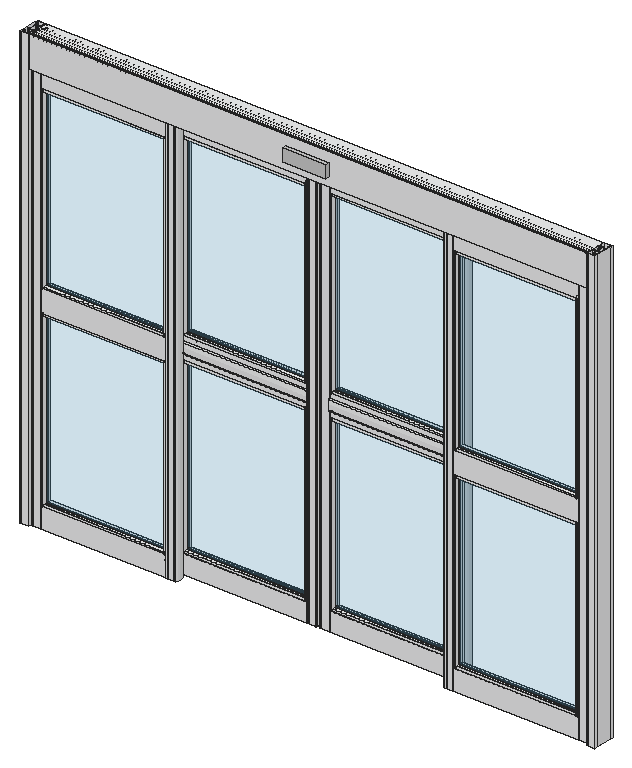
Revit family "2-5-14_Sliding-Door_TX9200SL_Bipart-Outside-Slide-O-SX-SX-O-w-Elec-Lock-Flush-Mnt-Exit-Panic-HDW_Tormax", category Doors, host Wall, Revit 2026 (continued)
Definition of nested family "Door-Sliding-Tormax-Panel-Exit_Panic-O"
  Forms (in)
    Sweep 4, solid, material <- "Door Frame"
      profile origin (0, 0, 22.40625) x (-1, 0, 0) y (0, -1, 0)
        loop
          line (-24.65625, -0.87481) -> (-24.15645, -0.87481) -> (-24.15645, -0.20955) -> (-24.12159, -0.20955) -> (-24.06046, -0.09459) -> (-24.08245, -0.07259) -> (-24.15436, -0.12483) -> (-24.36418, -0.12483) -> (-24.36418, -0.20955) -> (-24.5318, -0.20955) -> (-24.5318, -0.13997) -> (-24.61845, -0.13997) -> (-24.61845, 0.13997) -> (-24.5318, 0.13997) -> (-24.5318, 0.20955) -> (-24.36418, 0.20955) -> (-24.36418, 0.12483) -> (-24.15436, 0.12483) -> (-24.08245, 0.07259) -> (-24.06046, 0.09459) -> (-24.12159, 0.20955) -> (-24.15645, 0.20955) -> (-24.15645, 0.87481) -> (-24.65625, 0.87481) -> (-24.65625, 0.66561) -> (-24.75597, 0.66561) -> (-24.75597, 0.76483) -> (-24.80597, 0.76483) -> (-24.80597, 0.6157) -> (-24.69998, 0.6157) -> (-24.57594, 0.49166) -> (-24.57594, 0.32983)
          arc (-24.57594, 0.32983) -> (-24.64136, 0.30274) -> (-24.66845, 0.23732) r 0.09251
          line (-24.66845, 0.23732) -> (-24.66845, 0.1901) -> (-24.81225, 0.1901) -> (-24.81225, 0.13997) -> (-24.66845, 0.13997) -> (-24.66845, -0.13997) -> (-24.81225, -0.13997) -> (-24.81225, -0.1901) -> (-24.68146, -0.1901) -> (-24.68146, -0.25955) -> (-24.46359, -0.25955) -> (-24.46359, -0.4032) -> (-24.20611, -0.4032) -> (-24.20611, -0.8251) -> (-24.60608, -0.8251) -> (-24.60608, -0.65698) -> (-24.72056, -0.65698) -> (-24.72056, -0.70698) -> (-24.65625, -0.70698) -> (-24.65625, -0.87481)
        loop
          line (-24.55619, 0.8251) -> (-24.55619, 0.74143) -> (-24.62235, 0.74143) -> (-24.62235, 0.67847) -> (-24.52594, 0.58206) -> (-24.52594, 0.25099) -> (-24.46359, 0.25099) -> (-24.46359, 0.4032) -> (-24.20611, 0.4032) -> (-24.20611, 0.8251) -> (-24.55619, 0.8251)
        loop
          line (24.65625, -0.87481) -> (24.65625, -0.70698) -> (24.72056, -0.70698) -> (24.72056, -0.65698) -> (24.60608, -0.65698) -> (24.60608, -0.8251) -> (24.20611, -0.8251) -> (24.20611, -0.4032) -> (24.46359, -0.4032) -> (24.46359, -0.25955) -> (24.68146, -0.25955) -> (24.68146, -0.1901) -> (24.81225, -0.1901) -> (24.81225, -0.13997) -> (24.66845, -0.13997) -> (24.66845, 0.13997) -> (24.81225, 0.13997) -> (24.81225, 0.1901) -> (24.66845, 0.1901) -> (24.66845, 0.23732)
          arc (24.66845, 0.23732) -> (24.64136, 0.30274) -> (24.57594, 0.32983) r 0.09251
          line (24.57594, 0.32983) -> (24.57594, 0.49166) -> (24.69998, 0.6157) -> (24.80597, 0.6157) -> (24.80597, 0.76483) -> (24.75597, 0.76483) -> (24.75597, 0.66561) -> (24.65625, 0.66561) -> (24.65625, 0.87481) -> (24.15645, 0.87481) -> (24.15645, 0.20955) -> (24.12159, 0.20955) -> (24.06046, 0.09459) -> (24.08245, 0.07259) -> (24.15436, 0.12483) -> (24.36418, 0.12483) -> (24.36418, 0.20955) -> (24.5318, 0.20955) -> (24.5318, 0.13997) -> (24.61845, 0.13997) -> (24.61845, -0.13997) -> (24.5318, -0.13997) -> (24.5318, -0.20955) -> (24.36418, -0.20955) -> (24.36418, -0.12483) -> (24.15436, -0.12483) -> (24.08245, -0.07259) -> (24.06046, -0.09459) -> (24.12159, -0.20955) -> (24.15645, -0.20955) -> (24.15645, -0.87481) -> (24.65625, -0.87481)
        loop
          line (24.55619, 0.8251) -> (24.20611, 0.8251) -> (24.20611, 0.4032) -> (24.46359, 0.4032) -> (24.46359, 0.25099) -> (24.52594, 0.25099) -> (24.52594, 0.58206) -> (24.62235, 0.67847) -> (24.62235, 0.74143) -> (24.55619, 0.74143) -> (24.55619, 0.8251)
    Extrusion 5, solid, material <- "Glass"
      sketch origin (0, 0, 0) x (1, 0, 0) y (0, 1, 0)
        loop
          line (-24.36418, 0.12483) -> (-24.36418, -0.12517) -> (24.36418, -0.12517) -> (24.36418, 0.12483) -> (-24.36418, 0.12483)
      from 4.60457 to 40.20793
    Sweep 6, solid, material <- "Door Frame"
      path origin (0, 0, 0) x (1, 0, 0) y (0, 0, 1)
        loop
          line (-24.15645, 42.75) -> (24.15645, 42.75)
      profile origin (0, 0, 42.75) x (0, 0, 1) y (0, -1, 0)
        loop
          line (-38.4375, 0.87481) -> (-38.4375, 0.70698) -> (-38.50181, 0.70698) -> (-38.50181, 0.65698) -> (-38.38733, 0.65698) -> (-38.38733, 0.8251) -> (-37.98736, 0.8251) -> (-37.98736, 0.4032) -> (-38.24484, 0.4032) -> (-38.24484, 0.25955) -> (-38.46271, 0.25955) -> (-38.46271, 0.1901) -> (-38.5935, 0.1901) -> (-38.5935, 0.13997) -> (-38.4497, 0.13997) -> (-38.4497, -0.13997) -> (-38.5935, -0.13997) -> (-38.5935, -0.1901) -> (-38.4497, -0.1901) -> (-38.4497, -0.23732)
          arc (-38.4497, -0.23732) -> (-38.42261, -0.30274) -> (-38.35719, -0.32983) r 0.09251
          line (-38.35719, -0.32983) -> (-38.35719, -0.49166) -> (-38.48123, -0.6157) -> (-38.58722, -0.6157) -> (-38.58722, -0.76483) -> (-38.53722, -0.76483) -> (-38.53722, -0.66561) -> (-38.4375, -0.66561) -> (-38.4375, -0.87481) -> (-37.9377, -0.87481) -> (-37.9377, -0.20955) -> (-37.90284, -0.20955) -> (-37.84171, -0.09459) -> (-37.8637, -0.07259) -> (-37.93561, -0.12483) -> (-38.14543, -0.12483) -> (-38.14543, -0.20955) -> (-38.31305, -0.20955) -> (-38.31305, -0.13997) -> (-38.3997, -0.13997) -> (-38.3997, 0.13997) -> (-38.31305, 0.13997) -> (-38.31305, 0.20955) -> (-38.14543, 0.20955) -> (-38.14543, 0.12483) -> (-37.93561, 0.12483) -> (-37.8637, 0.07259) -> (-37.84171, 0.09459) -> (-37.90284, 0.20955) -> (-37.9377, 0.20955) -> (-37.9377, 0.87481) -> (-38.4375, 0.87481)
        loop
          line (-38.33744, -0.8251) -> (-37.98736, -0.8251) -> (-37.98736, -0.4032) -> (-38.24484, -0.4032) -> (-38.24484, -0.25099) -> (-38.30719, -0.25099) -> (-38.30719, -0.58206) -> (-38.4036, -0.67847) -> (-38.4036, -0.74143) -> (-38.33744, -0.74143) -> (-38.33744, -0.8251)
        loop
          line (-2.25, 0.87481) -> (-2.7498, 0.87481) -> (-2.7498, 0.20955) -> (-2.78466, 0.20955) -> (-2.84579, 0.09459) -> (-2.8238, 0.07259) -> (-2.75189, 0.12483) -> (-2.54207, 0.12483) -> (-2.54207, 0.20955) -> (-2.37445, 0.20955) -> (-2.37445, 0.13997) -> (-2.2878, 0.13997) -> (-2.2878, -0.13997) -> (-2.37445, -0.13997) -> (-2.37445, -0.20955) -> (-2.54207, -0.20955) -> (-2.54207, -0.12483) -> (-2.75189, -0.12483) -> (-2.8238, -0.07259) -> (-2.84579, -0.09459) -> (-2.78466, -0.20955) -> (-2.7498, -0.20955) -> (-2.7498, -0.87481) -> (-2.25, -0.87481) -> (-2.25, -0.66561) -> (-2.15028, -0.66561) -> (-2.15028, -0.76483) -> (-2.10028, -0.76483) -> (-2.10028, -0.6157) -> (-2.20627, -0.6157) -> (-2.33031, -0.49166) -> (-2.33031, -0.32983)
          arc (-2.33031, -0.32983) -> (-2.26489, -0.30274) -> (-2.2378, -0.23732) r 0.09251
          line (-2.2378, -0.23732) -> (-2.2378, -0.1901) -> (-2.094, -0.1901) -> (-2.094, -0.13997) -> (-2.2378, -0.13997) -> (-2.2378, 0.13997) -> (-2.094, 0.13997) -> (-2.094, 0.1901) -> (-2.22479, 0.1901) -> (-2.22479, 0.25955) -> (-2.44266, 0.25955) -> (-2.44266, 0.4032) -> (-2.70014, 0.4032) -> (-2.70014, 0.8251) -> (-2.30017, 0.8251) -> (-2.30017, 0.65698) -> (-2.18569, 0.65698) -> (-2.18569, 0.70698) -> (-2.25, 0.70698) -> (-2.25, 0.87481)
        loop
          line (-2.35006, -0.8251) -> (-2.35006, -0.74143) -> (-2.2839, -0.74143) -> (-2.2839, -0.67847) -> (-2.38031, -0.58206) -> (-2.38031, -0.25099) -> (-2.44266, -0.25099) -> (-2.44266, -0.4032) -> (-2.70014, -0.4032) -> (-2.70014, -0.8251) -> (-2.35006, -0.8251)
        loop
          line (2.25, 0.87481) -> (2.25, 0.70698) -> (2.18569, 0.70698) -> (2.18569, 0.65698) -> (2.30017, 0.65698) -> (2.30017, 0.8251) -> (2.70014, 0.8251) -> (2.70014, 0.4032) -> (2.44266, 0.4032) -> (2.44266, 0.25955) -> (2.22479, 0.25955) -> (2.22479, 0.1901) -> (2.094, 0.1901) -> (2.094, 0.13997) -> (2.2378, 0.13997) -> (2.2378, -0.13997) -> (2.094, -0.13997) -> (2.094, -0.1901) -> (2.2378, -0.1901) -> (2.2378, -0.23732)
          arc (2.2378, -0.23732) -> (2.26489, -0.30274) -> (2.33031, -0.32983) r 0.09251
          line (2.33031, -0.32983) -> (2.33031, -0.49166) -> (2.20627, -0.6157) -> (2.10028, -0.6157) -> (2.10028, -0.76483) -> (2.15028, -0.76483) -> (2.15028, -0.66561) -> (2.25, -0.66561) -> (2.25, -0.87481) -> (2.7498, -0.87481) -> (2.7498, -0.20955) -> (2.78466, -0.20955) -> (2.84579, -0.09459) -> (2.8238, -0.07259) -> (2.75189, -0.12483) -> (2.54207, -0.12483) -> (2.54207, -0.20955) -> (2.37445, -0.20955) -> (2.37445, -0.13997) -> (2.2878, -0.13997) -> (2.2878, 0.13997) -> (2.37445, 0.13997) -> (2.37445, 0.20955) -> (2.54207, 0.20955) -> (2.54207, 0.12483) -> (2.75189, 0.12483) -> (2.8238, 0.07259) -> (2.84579, 0.09459) -> (2.78466, 0.20955) -> (2.7498, 0.20955) -> (2.7498, 0.87481) -> (2.25, 0.87481)
        loop
          line (2.35006, -0.8251) -> (2.70014, -0.8251) -> (2.70014, -0.4032) -> (2.44266, -0.4032) -> (2.44266, -0.25099) -> (2.38031, -0.25099) -> (2.38031, -0.58206) -> (2.2839, -0.67847) -> (2.2839, -0.74143) -> (2.35006, -0.74143) -> (2.35006, -0.8251)
        loop
          line (39.65625, 0.87481) -> (39.15645, 0.87481) -> (39.15645, 0.20955) -> (39.12159, 0.20955) -> (39.06046, 0.09459) -> (39.08245, 0.07259) -> (39.15436, 0.12483) -> (39.36418, 0.12483) -> (39.36418, 0.20955) -> (39.5318, 0.20955) -> (39.5318, 0.13997) -> (39.61845, 0.13997) -> (39.61845, -0.13997) -> (39.5318, -0.13997) -> (39.5318, -0.20955) -> (39.36418, -0.20955) -> (39.36418, -0.12483) -> (39.15436, -0.12483) -> (39.08245, -0.07259) -> (39.06046, -0.09459) -> (39.12159, -0.20955) -> (39.15645, -0.20955) -> (39.15645, -0.87481) -> (39.65625, -0.87481) -> (39.65625, -0.66561) -> (39.75597, -0.66561) -> (39.75597, -0.76483) -> (39.80597, -0.76483) -> (39.80597, -0.6157) -> (39.69998, -0.6157) -> (39.57594, -0.49166) -> (39.57594, -0.32983)
          arc (39.57594, -0.32983) -> (39.64136, -0.30274) -> (39.66845, -0.23732) r 0.09251
          line (39.66845, -0.23732) -> (39.66845, -0.1901) -> (39.81225, -0.1901) -> (39.81225, -0.13997) -> (39.66845, -0.13997) -> (39.66845, 0.13997) -> (39.81225, 0.13997) -> (39.81225, 0.1901) -> (39.68146, 0.1901) -> (39.68146, 0.25955) -> (39.46359, 0.25955) -> (39.46359, 0.4032) -> (39.20611, 0.4032) -> (39.20611, 0.8251) -> (39.60608, 0.8251) -> (39.60608, 0.65698) -> (39.72056, 0.65698) -> (39.72056, 0.70698) -> (39.65625, 0.70698) -> (39.65625, 0.87481)
        loop
          line (39.55619, -0.8251) -> (39.55619, -0.74143) -> (39.62235, -0.74143) -> (39.62235, -0.67847) -> (39.52594, -0.58206) -> (39.52594, -0.25099) -> (39.46359, -0.25099) -> (39.46359, -0.4032) -> (39.20611, -0.4032) -> (39.20611, -0.8251) -> (39.55619, -0.8251)
    Sweep 7, solid, material <- "Door Frame"
      path origin (0, 0, 0) x (1, 0, 0) y (0, 0, 1)
        loop
          line (0, 45) -> (0, 82.40625)
      profile origin (0, 0, 63.70313) x (-1, 0, 0) y (0, -1, 0)
        loop
          line (-24.65625, -0.87481) -> (-24.15645, -0.87481) -> (-24.15645, -0.20955) -> (-24.12159, -0.20955) -> (-24.06046, -0.09459) -> (-24.08245, -0.07259) -> (-24.15436, -0.12483) -> (-24.36418, -0.12483) -> (-24.36418, -0.20955) -> (-24.5318, -0.20955) -> (-24.5318, -0.13997) -> (-24.61845, -0.13997) -> (-24.61845, 0.13997) -> (-24.5318, 0.13997) -> (-24.5318, 0.20955) -> (-24.36418, 0.20955) -> (-24.36418, 0.12483) -> (-24.15436, 0.12483) -> (-24.08245, 0.07259) -> (-24.06046, 0.09459) -> (-24.12159, 0.20955) -> (-24.15645, 0.20955) -> (-24.15645, 0.87481) -> (-24.65625, 0.87481) -> (-24.65625, 0.66561) -> (-24.75597, 0.66561) -> (-24.75597, 0.76483) -> (-24.80597, 0.76483) -> (-24.80597, 0.6157) -> (-24.69998, 0.6157) -> (-24.57594, 0.49166) -> (-24.57594, 0.32983)
          arc (-24.57594, 0.32983) -> (-24.64136, 0.30274) -> (-24.66845, 0.23732) r 0.09251
          line (-24.66845, 0.23732) -> (-24.66845, 0.1901) -> (-24.81225, 0.1901) -> (-24.81225, 0.13997) -> (-24.66845, 0.13997) -> (-24.66845, -0.13997) -> (-24.81225, -0.13997) -> (-24.81225, -0.1901) -> (-24.68146, -0.1901) -> (-24.68146, -0.25955) -> (-24.46359, -0.25955) -> (-24.46359, -0.4032) -> (-24.20611, -0.4032) -> (-24.20611, -0.8251) -> (-24.60608, -0.8251) -> (-24.60608, -0.65698) -> (-24.72056, -0.65698) -> (-24.72056, -0.70698) -> (-24.65625, -0.70698) -> (-24.65625, -0.87481)
        loop
          line (-24.55619, 0.8251) -> (-24.55619, 0.74143) -> (-24.62235, 0.74143) -> (-24.62235, 0.67847) -> (-24.52594, 0.58206) -> (-24.52594, 0.25099) -> (-24.46359, 0.25099) -> (-24.46359, 0.4032) -> (-24.20611, 0.4032) -> (-24.20611, 0.8251) -> (-24.55619, 0.8251)
        loop
          line (24.65625, -0.87481) -> (24.65625, -0.70698) -> (24.72056, -0.70698) -> (24.72056, -0.65698) -> (24.60608, -0.65698) -> (24.60608, -0.8251) -> (24.20611, -0.8251) -> (24.20611, -0.4032) -> (24.46359, -0.4032) -> (24.46359, -0.25955) -> (24.68146, -0.25955) -> (24.68146, -0.1901) -> (24.81225, -0.1901) -> (24.81225, -0.13997) -> (24.66845, -0.13997) -> (24.66845, 0.13997) -> (24.81225, 0.13997) -> (24.81225, 0.1901) -> (24.66845, 0.1901) -> (24.66845, 0.23732)
          arc (24.66845, 0.23732) -> (24.64136, 0.30274) -> (24.57594, 0.32983) r 0.09251
          line (24.57594, 0.32983) -> (24.57594, 0.49166) -> (24.69998, 0.6157) -> (24.80597, 0.6157) -> (24.80597, 0.76483) -> (24.75597, 0.76483) -> (24.75597, 0.66561) -> (24.65625, 0.66561) -> (24.65625, 0.87481) -> (24.15645, 0.87481) -> (24.15645, 0.20955) -> (24.12159, 0.20955) -> (24.06046, 0.09459) -> (24.08245, 0.07259) -> (24.15436, 0.12483) -> (24.36418, 0.12483) -> (24.36418, 0.20955) -> (24.5318, 0.20955) -> (24.5318, 0.13997) -> (24.61845, 0.13997) -> (24.61845, -0.13997) -> (24.5318, -0.13997) -> (24.5318, -0.20955) -> (24.36418, -0.20955) -> (24.36418, -0.12483) -> (24.15436, -0.12483) -> (24.08245, -0.07259) -> (24.06046, -0.09459) -> (24.12159, -0.20955) -> (24.15645, -0.20955) -> (24.15645, -0.87481) -> (24.65625, -0.87481)
        loop
          line (24.55619, 0.8251) -> (24.20611, 0.8251) -> (24.20611, 0.4032) -> (24.46359, 0.4032) -> (24.46359, 0.25099) -> (24.52594, 0.25099) -> (24.52594, 0.58206) -> (24.62235, 0.67847) -> (24.62235, 0.74143) -> (24.55619, 0.74143) -> (24.55619, 0.8251)
    Extrusion 8, solid, material <- "Glass"
      sketch origin (0, 0, 0) x (1, 0, 0) y (0, 1, 0)
        loop
          line (-24.36418, 0.12483) -> (-24.36418, -0.12517) -> (24.36418, -0.12517) -> (24.36418, 0.12483) -> (-24.36418, 0.12483)
      from 45.29207 to 82.11418
  Dimensions and locks (in)
    "Height": plane 4 to level
    equal spacing: plane 10, plane 3 "Center (Left/Right)", plane 11
    "Width": plane 10 to plane 11
    "Thickness": plane 9 to plane 8
    equal spacing: plane 9, plane 1 "Center (Front/Back)", plane 8
    locked: plane 10 to plane 12 at 2.125
    locked: plane 13 to plane 11 at 2.125
    locked: plane 5 to level at 42.75
    plane 14 to plane 5 to plane 15 = 0' - 2 1/4" locked, 0' - 2 1/4" locked
    plane 10 to Sweep 1 sketch curve to Sweep 1 sketch curve = 0' - 2 1/8" locked, 0' - 0" locked
    locked: plane 4 to plane 17 at 0.09375
    locked: plane 17 to plane 16 at 3
    locked: plane 18 to plane 2 at 4.3125
    locked: Sweep 4 sketch curve to plane 13 at 0.4998  (x2)
    plane 12 to Sweep 4 sketch curve to Sweep 4 sketch curve = 0' - 0.4998" locked, 0' - 0" locked
    plane 7 to plane 1 "Center (Front/Back)" to plane 6 = 0' - 0.12517" locked, 0' - 0.12483" locked
    locked: Extrusion 5 sketch curve to plane 13 at 0.29207
    locked: plane 12 to Extrusion 5 sketch curve at 0.29207
    locked: Sweep 6 sketch curve to plane 13 at 0.4998
    locked: Sweep 6 sketch curve to plane 12 at 0.4998
    locked: Sweep 6 sketch curve to plane 2 at 4.8123  (x2)
    Sweep 6 sketch curve to Sweep 6 sketch curve to plane 15 = 0' - 0" locked, 0' - 0.4998" locked
    Sweep 6 sketch curve to Sweep 6 sketch curve to plane 14 = 0' - 0" locked, 0' - 0.4998" locked
    Sweep 6 sketch curve to Sweep 6 sketch curve to plane 16 = 0' - 0" locked, 0' - 0.4998" locked
    locked: plane 2 to Extrusion 5 at 4.60457
    locked: Extrusion 5 to plane 15 at 0.29207
    locked: Extrusion 8 to plane 14 at 0.29207
    locked: Extrusion 8 to plane 16 at 0.29207
    locked: plane 12 to Sweep 7 sketch curve at 0.4998  (x2)
    Sweep 7 sketch curve to Sweep 7 sketch curve to plane 13 = 0' - 0" locked, 0' - 0.4998" locked
    aligned and locked: plane 2 to level
    aligned and locked: Sweep 1 sketch curve to plane 10
    aligned and locked: Sweep 1 sketch curve to plane 9
    aligned and locked: Sweep 1 sketch curve to profile plane
    aligned and locked: profile plane to Sweep 1 sketch curve
    aligned and locked: Sweep 1 sketch curve to plane 8
    aligned and locked: plane 12 to Sweep 2 sketch curve
    aligned and locked: plane 13 to Sweep 2 sketch curve
    aligned and locked: Sweep 2 sketch curve to plane 2
    aligned and locked: plane 14 to Sweep 2 sketch curve
    aligned and locked: Sweep 2 sketch curve to plane 14
    aligned and locked: plane 17 to Sweep 1 sketch curve
    aligned and locked: plane 17 to Sweep 3 sketch curve
    aligned and locked: Sweep 3 sketch curve to plane 11
    aligned and locked: plane 2 to Sweep 3 sketch curve
    aligned and locked: plane 13 to Sweep 3 sketch curve
    aligned and locked: plane 3 "Center (Left/Right)" to Sweep 4 sketch curve
    aligned and locked: plane 15 to Sweep 4 sketch curve
    aligned and locked: plane 18 to Sweep 4 sketch curve
    aligned and locked: Sweep 4 sketch curve to plane 13
    aligned and locked: plane 13 to Sweep 4 sketch curve
    aligned and locked: plane 12 to Sweep 4 sketch curve
    aligned and locked: Sweep 4 sketch curve to plane 12
    aligned and locked: plane 6 to Extrusion 5 sketch curve
    aligned and locked: plane 7 to Extrusion 5 sketch curve
    aligned and locked: Sweep 6 sketch curve to plane 5
    aligned and locked: plane 18 to Sweep 6 sketch curve
    aligned and locked: Sweep 6 sketch curve to plane 18
    aligned and locked: plane 15 to Sweep 6 sketch curve
    aligned and locked: Sweep 6 sketch curve to plane 15
    aligned and locked: Sweep 6 sketch curve to plane 14
    aligned and locked: plane 14 to Sweep 6 sketch curve
    aligned and locked: Sweep 6 sketch curve to plane 16
    aligned and locked: plane 16 to Sweep 6 sketch curve
    aligned and locked: plane 16 to Sweep 7 sketch curve
    aligned and locked: plane 14 to Sweep 7 sketch curve
    aligned and locked: plane 12 to Sweep 7 sketch curve
    aligned and locked: Sweep 7 sketch curve to plane 12
    aligned and locked: Sweep 7 sketch curve to plane 13
    aligned and locked: plane 13 to Sweep 7 sketch curve
    aligned and locked: Sweep 2 sketch curve to plane 15  (x2)
    aligned and locked: plane 16 to Sweep 2 sketch curve  (x2)
    aligned and locked: Sweep 2 sketch curve to plane 17  (x2)
  Automatic sketch dimensions
    Sweep 1 sketch curve to level = 0' - 0"
    profile plane to Sweep 2 sketch curve = 0' - 0"
    Sweep 2 sketch curve to Sweep 2 sketch curve = 0' - 0.18793"
    Sweep 2 sketch curve to Sweep 2 sketch curve = 0' - 0.72226"  (x2)
    Sweep 2 sketch curve to Sweep 2 sketch curve = 0' - 0.40281"
    Sweep 2 sketch curve to Sweep 2 sketch curve = 0' - 0.01287"
    Sweep 2 sketch curve to Sweep 2 sketch curve = 0' - 0.00834"
    Sweep 2 sketch curve to Sweep 2 sketch curve = 0' - 0.18917"
    Sweep 2 sketch curve to Sweep 2 sketch curve = 0' - 0.06739"  (x2)
    Sweep 2 sketch curve to Sweep 2 sketch curve = 0' - 0.13999"  (x2)
    Sweep 2 sketch curve to Sweep 2 sketch curve = 0' - 0 1/16"  (x2)
    Sweep 2 sketch curve to Sweep 2 sketch curve = 0' - 1.02817"
    Sweep 2 sketch curve to Sweep 2 sketch curve = 0' - 0.12517"
    Sweep 2 sketch curve to Sweep 2 sketch curve = 0' - 0.2691"  (x3)
    Sweep 2 sketch curve to Sweep 2 sketch curve = 0' - 0.31409"  (x4)
    Sweep 2 sketch curve to Sweep 2 sketch curve = 0' - 0.32654"  (x4)
    Sweep 2 sketch curve to Sweep 2 sketch curve = 0' - 0.30916"  (x3)
    Sweep 2 sketch curve to Sweep 2 sketch curve = 0' - 0.12615"  (x2)
    Sweep 2 sketch curve to Sweep 2 sketch curve = 0' - 0.04797"  (x3)
    plane 1 "Center (Front/Back)" to Sweep 2 sketch curve = 0' - 0.77066"  (x2)
    Sweep 2 sketch curve to Sweep 2 sketch curve = 0' - 0.10643"  (x4)
    plane 1 "Center (Front/Back)" to Sweep 2 sketch curve = 0' - 0.70921"
    plane 1 "Center (Front/Back)" to Sweep 2 sketch curve = 0' - 0.70777"  (x2)
    Sweep 2 sketch curve to plane 1 "Center (Front/Back)" = 0' - 0.77099"
    Sweep 2 sketch curve to Sweep 2 sketch curve = 0' - 0.1095"  (x2)
    Sweep 2 sketch curve to Sweep 2 sketch curve = 0' - 0.0465"  (x3)
    Sweep 2 sketch curve to Sweep 2 sketch curve = 0' - 0.156"
    plane 1 "Center (Front/Back)" to Sweep 2 sketch curve = 0' - 0.8749"
    Sweep 2 sketch curve to Sweep 2 sketch curve = 0' - 0.14393"
    Sweep 2 sketch curve to plane 1 "Center (Front/Back)" = 0' - 0.8749"
    Sweep 2 sketch curve to Sweep 2 sketch curve = 0' - 0.0351"
    Sweep 2 sketch curve to Sweep 2 sketch curve = 0' - 0"
    Sweep 2 sketch curve to Sweep 2 sketch curve = 0' - 0.10425"  (x3)
    Sweep 2 sketch curve to Sweep 2 sketch curve = 0' - 0.0176"
    Sweep 2 sketch curve to plane 1 "Center (Front/Back)" = 0' - 0.75305"
    Sweep 2 sketch curve to Sweep 2 sketch curve = 0' - 0.00306"
    Sweep 2 sketch curve to Sweep 2 sketch curve = 0' - 0.03386"  (x4)
    Sweep 2 sketch curve to Sweep 2 sketch curve = 0' - 0.05146"  (x3)
    Sweep 2 sketch curve to Sweep 2 sketch curve = 0' - 0.0308"
    Sweep 2 sketch curve to Sweep 2 sketch curve = 0' - 0.06145"  (x3)
    Sweep 2 sketch curve to Sweep 2 sketch curve = 0' - 0.06322"  (x3)
    Sweep 2 sketch curve to Sweep 2 sketch curve = 0' - 0.34292"  (x2)
    Sweep 2 sketch curve to plane 1 "Center (Front/Back)" = 0' - 0.31896"
    Sweep 2 sketch curve to Sweep 2 sketch curve = 0' - 0.01887"
    Sweep 2 sketch curve to Sweep 2 sketch curve = 0' - 0.1067"
    Sweep 2 sketch curve to plane 1 "Center (Front/Back)" = 0' - 0.13788"
    plane 1 "Center (Front/Back)" to Sweep 2 sketch curve = 0' - 0.13781"
    Sweep 2 sketch curve to Sweep 2 sketch curve = 0' - 0.02767"
    Sweep 2 sketch curve to Sweep 2 sketch curve = 0' - 0.10658"
    plane 1 "Center (Front/Back)" to Sweep 2 sketch curve = 0' - 0.31654"
    plane 1 "Center (Front/Back)" to Sweep 2 sketch curve = 0' - 0.37504"  (x2)
    Sweep 2 sketch curve to Sweep 2 sketch curve = 0' - 0.34415"  (x2)
    Sweep 2 sketch curve to Sweep 2 sketch curve = 0' - 0.47705"
    Sweep 2 sketch curve to Sweep 2 sketch curve = 0' - 0.02992"
    plane 1 "Center (Front/Back)" to Sweep 2 sketch curve = 0' - 0.78451"
    Sweep 2 sketch curve to Sweep 2 sketch curve = 0' - 0.12491"
    Sweep 2 sketch curve to plane 1 "Center (Front/Back)" = 0' - 0 3/4"
    Sweep 1 sketch curve to plane 1 "Center (Front/Back)" = 0' - 0.77559"
    Sweep 1 sketch curve to Sweep 1 sketch curve = 0' - 0.11639"  (x2)
    Sweep 1 sketch curve to Sweep 1 sketch curve = 0' - 0 1/8"  (x2)
    profile plane to Sweep 1 sketch curve = 0' - 0 3/8"
    Sweep 1 sketch curve to Sweep 1 sketch curve = 0' - 0.145"  (x2)
    Sweep 1 sketch curve to Sweep 1 sketch curve = 0' - 0.01059"  (x2)
    Sweep 1 sketch curve to Sweep 1 sketch curve = 0' - 0.0672"
    Sweep 1 sketch curve to Sweep 1 sketch curve = 0' - 0.20161"
    Sweep 1 sketch curve to Sweep 1 sketch curve = 0' - 0.05661"
    Sweep 1 sketch curve to Sweep 1 sketch curve = 0' - 0.03961"
    Sweep 3 sketch curve to Sweep 3 sketch curve = 0' - 0"  (x3)
    plane 1 "Center (Front/Back)" to Sweep 3 sketch curve = 0' - 0"
    Sweep 3 sketch curve to profile plane = 0' - 0.13218"  (x2)
    Sweep 3 sketch curve to Sweep 3 sketch curve = 0' - 0.04011"  (x2)
    Sweep 3 sketch curve to Sweep 3 sketch curve = 0' - 0.27371"  (x2)
    Sweep 3 sketch curve to Sweep 3 sketch curve = 0' - 0.054"  (x5)
    Sweep 3 sketch curve to Sweep 3 sketch curve = 0' - 0.09725"  (x2)
    Sweep 3 sketch curve to Sweep 3 sketch curve = 0' - 0.09783"  (x2)
    Sweep 3 sketch curve to Sweep 3 sketch curve = 0' - 0.05875"  (x2)
    Sweep 3 sketch curve to Sweep 3 sketch curve = 0' - 0 1/8"  (x2)
    Sweep 3 sketch curve to plane 1 "Center (Front/Back)" = 0' - 0.76483"
    Sweep 3 sketch curve to Sweep 3 sketch curve = 0' - 0.05817"
    Sweep 3 sketch curve to plane 1 "Center (Front/Back)" = 0' - 0.70835"
    Sweep 3 sketch curve to Sweep 3 sketch curve = 0' - 0.83845"
    Sweep 3 sketch curve to Sweep 3 sketch curve = 0' - 0.05635"
    Sweep 3 sketch curve to Sweep 3 sketch curve = 0' - 0.14517"  (x2)
    Sweep 3 sketch curve to Sweep 3 sketch curve = 0' - 0.05648"
    Sweep 3 sketch curve to Sweep 3 sketch curve = 0' - 0.1125"
    Sweep 3 sketch curve to Sweep 3 sketch curve = 0' - 0.05615"
    Sweep 3 sketch curve to Sweep 3 sketch curve = 0' - 0.00033"
    Sweep 3 sketch curve to Sweep 3 sketch curve = 0' - 0.03481"
    plane 1 "Center (Front/Back)" to Sweep 3 sketch curve = 0' - 0.76483"
    plane 1 "Center (Front/Back)" to Sweep 3 sketch curve = 0' - 0.70869"
    Sweep 4 sketch curve to Sweep 4 sketch curve = 0' - 0.0122"
    Sweep 4 sketch curve to plane 1 "Center (Front/Back)" = 0' - 0.13997"
    Sweep 4 sketch curve to Sweep 4 sketch curve = 0' - 0"  (x5)
    Sweep 4 sketch curve to Sweep 4 sketch curve = 0' - 0.01301"  (x2)
    plane 1 "Center (Front/Back)" to Sweep 4 sketch curve = 0' - 0.6157"
    Sweep 4 sketch curve to Sweep 4 sketch curve = 0' - 0.04373"  (x2)
    Sweep 4 sketch curve to Sweep 4 sketch curve = 0' - 0.06431"  (x2)
    Sweep 4 sketch curve to Sweep 4 sketch curve = 0' - 0.05599"
    Sweep 4 sketch curve to Sweep 4 sketch curve = 0' - 0.05"  (x8)
    Sweep 4 sketch curve to Sweep 4 sketch curve = 0' - 0.13079"  (x2)
    Sweep 4 sketch curve to Sweep 4 sketch curve = 0' - 0.1438"  (x2)
    Sweep 4 sketch curve to Sweep 4 sketch curve = 0' - 0.0339"  (x2)
    Sweep 4 sketch curve to Sweep 4 sketch curve = 0' - 0.05017"  (x2)
    plane 1 "Center (Front/Back)" to Sweep 4 sketch curve = 0' - 0.49166"
    Sweep 4 sketch curve to Sweep 4 sketch curve = 0' - 0.12404"  (x2)
    Sweep 4 sketch curve to Sweep 4 sketch curve = 0' - 0.06616"  (x2)
    Sweep 4 sketch curve to Sweep 4 sketch curve = 0' - 0.08665"  (x3)
    Sweep 4 sketch curve to Sweep 4 sketch curve = 0' - 0.00586"  (x2)
    Sweep 4 sketch curve to Sweep 4 sketch curve = 0' - 0.0682"  (x2)
    Sweep 4 sketch curve to Sweep 4 sketch curve = 0' - 0.11234"
    Sweep 4 sketch curve to Sweep 4 sketch curve = 0' - 0.09942"  (x4)
    Sweep 4 sketch curve to Sweep 4 sketch curve = 0' - 0.04966"  (x4)
    Sweep 4 sketch curve to plane 1 "Center (Front/Back)" = 0' - 0.12483"
    Sweep 4 sketch curve to Sweep 4 sketch curve = 0' - 0.00209"  (x2)
    Sweep 4 sketch curve to Sweep 4 sketch curve = 0' - 0.03487"  (x4)
    plane 1 "Center (Front/Back)" to Sweep 4 sketch curve = 0' - 0.20955"  (x2)
    plane 1 "Center (Front/Back)" to Sweep 4 sketch curve = 0' - 0.07259"  (x2)
    Sweep 4 sketch curve to Sweep 4 sketch curve = 0' - 0.0719"  (x4)
    Sweep 4 sketch curve to plane 1 "Center (Front/Back)" = 0' - 0.07259"  (x2)
    Sweep 4 sketch curve to plane 1 "Center (Front/Back)" = 0' - 0.09459"  (x2)
    Sweep 4 sketch curve to Sweep 4 sketch curve = 0' - 0.02199"  (x4)
    plane 1 "Center (Front/Back)" to Sweep 4 sketch curve = 0' - 0.09459"  (x2)
    Sweep 4 sketch curve to Sweep 4 sketch curve = 0' - 0.06113"
    Sweep 4 sketch curve to plane 1 "Center (Front/Back)" = 0' - 0.20955"
    plane 1 "Center (Front/Back)" to Sweep 4 sketch curve = 0' - 0.12483"
    Sweep 4 sketch curve to Sweep 4 sketch curve = 0' - 0.06234"
    Sweep 4 sketch curve to Sweep 4 sketch curve = 0' - 0.03026"
    Sweep 4 sketch curve to Sweep 4 sketch curve = 0' - 0.14248"
    Sweep 4 sketch curve to Sweep 4 sketch curve = 0' - 0.09251"
    Sweep 4 sketch curve to Sweep 4 sketch curve = 0' - 0.13361"
    Sweep 4 sketch curve to plane 1 "Center (Front/Back)" = 0' - 0.25955"
    Sweep 4 sketch curve to Sweep 4 sketch curve = 0' - 0.11958"
    Sweep 4 sketch curve to Sweep 4 sketch curve = 0' - 0.14365"
    Sweep 4 sketch curve to Sweep 4 sketch curve = 0' - 0.19365"  (x3)
    Sweep 4 sketch curve to Sweep 4 sketch curve = 0' - 0.25378"  (x2)
    Sweep 4 sketch curve to Sweep 4 sketch curve = 0' - 0.4219"  (x2)
    Sweep 4 sketch curve to Sweep 4 sketch curve = 0' - 0.04971"  (x4)
    Sweep 4 sketch curve to Sweep 4 sketch curve = 0' - 0.08472"  (x5)
    Sweep 4 sketch curve to Sweep 4 sketch curve = 0' - 0.05012"  (x4)
    Sweep 4 sketch curve to Sweep 4 sketch curve = 0' - 0.06945"
    Sweep 4 sketch curve to Sweep 4 sketch curve = 0' - 0.06958"  (x2)
    plane 1 "Center (Front/Back)" to Sweep 4 sketch curve = 0' - 0.13997"  (x2)
    Sweep 4 sketch curve to Sweep 4 sketch curve = 0' - 0.04722"
    Sweep 4 sketch curve to Sweep 4 sketch curve = 0' - 0.02777"
    Sweep 4 sketch curve to Sweep 4 sketch curve = 0' - 0.04144"  (x2)
    Sweep 4 sketch curve to Sweep 4 sketch curve = 0' - 0.08847"
    Sweep 4 sketch curve to Sweep 4 sketch curve = 0' - 0.0904"  (x2)
    Sweep 4 sketch curve to Sweep 4 sketch curve = 0' - 0.04991"  (x2)
    Sweep 4 sketch curve to Sweep 4 sketch curve = 0' - 0.01286"  (x2)
    Sweep 4 sketch curve to Sweep 4 sketch curve = 0' - 0.06296"  (x2)
    Sweep 4 sketch curve to Sweep 4 sketch curve = 0' - 0.09922"  (x2)
    Sweep 4 sketch curve to Sweep 4 sketch curve = 0' - 0.08367"  (x2)
    plane 1 "Center (Front/Back)" to Sweep 6 sketch curve = 0' - 0.13997"  (x4)
    Sweep 6 sketch curve to Sweep 6 sketch curve = 0' - 0.512"
    Sweep 6 sketch curve to Sweep 6 sketch curve = 0' - 0"  (x10)
    Sweep 6 sketch curve to Sweep 6 sketch curve = 0' - 0.01301"  (x4)
    Sweep 6 sketch curve to plane 1 "Center (Front/Back)" = 0' - 0.6157"  (x2)
    Sweep 6 sketch curve to Sweep 6 sketch curve = 0' - 0.04373"  (x4)
    Sweep 6 sketch curve to Sweep 6 sketch curve = 0' - 0.06431"  (x4)
    Sweep 6 sketch curve to Sweep 6 sketch curve = 0' - 0.09972"
    Sweep 6 sketch curve to Sweep 6 sketch curve = 0' - 0.05"  (x19)
    Sweep 6 sketch curve to Sweep 6 sketch curve = 0' - 0.13079"  (x4)
    Sweep 6 sketch curve to Sweep 6 sketch curve = 0' - 0.1438"  (x4)
    Sweep 6 sketch curve to Sweep 6 sketch curve = 0' - 0.0339"  (x3)
    Sweep 6 sketch curve to Sweep 6 sketch curve = 0' - 0.05017"  (x4)
    Sweep 6 sketch curve to Sweep 6 sketch curve = 0' - 0.09251"
    Sweep 6 sketch curve to Sweep 6 sketch curve = 0' - 0.06616"  (x3)
    Sweep 6 sketch curve to Sweep 6 sketch curve = 0' - 0.08665"  (x4)
    Sweep 6 sketch curve to Sweep 6 sketch curve = 0' - 0.04414"  (x2)
    Sweep 6 sketch curve to plane 1 "Center (Front/Back)" = 0' - 0.58206"  (x2)
    Sweep 6 sketch curve to Sweep 6 sketch curve = 0' - 0.11234"  (x2)
    Sweep 6 sketch curve to Sweep 6 sketch curve = 0' - 0.0682"  (x4)
    Sweep 6 sketch curve to Sweep 6 sketch curve = 0' - 0.09942"  (x8)
    Sweep 6 sketch curve to Sweep 6 sketch curve = 0' - 0.04966"  (x8)
    plane 1 "Center (Front/Back)" to Sweep 6 sketch curve = 0' - 0.12483"  (x3)
    Sweep 6 sketch curve to Sweep 6 sketch curve = 0' - 0.00209"  (x6)
    Sweep 6 sketch curve to Sweep 6 sketch curve = 0' - 0.03487"  (x8)
    Sweep 6 sketch curve to plane 1 "Center (Front/Back)" = 0' - 0.20955"
    Sweep 6 sketch curve to plane 1 "Center (Front/Back)" = 0' - 0.07259"  (x4)
    Sweep 6 sketch curve to Sweep 6 sketch curve = 0' - 0.0719"  (x6)
    plane 1 "Center (Front/Back)" to Sweep 6 sketch curve = 0' - 0.07259"  (x4)
    Sweep 6 sketch curve to plane 1 "Center (Front/Back)" = 0' - 0.09459"  (x4)
    Sweep 6 sketch curve to Sweep 6 sketch curve = 0' - 0.02199"  (x8)
    plane 1 "Center (Front/Back)" to Sweep 6 sketch curve = 0' - 0.09459"  (x4)
    Sweep 6 sketch curve to Sweep 6 sketch curve = 0' - 0.09599"  (x2)
    Sweep 6 sketch curve to Sweep 6 sketch curve = 0' - 0.20772"  (x2)
    Sweep 6 sketch curve to Sweep 6 sketch curve = 0' - 0.13031"
    Sweep 6 sketch curve to Sweep 6 sketch curve = 0' - 0.00586"  (x3)
    Sweep 6 sketch curve to Sweep 6 sketch curve = 0' - 0.10006"  (x2)
    Sweep 6 sketch curve to Sweep 6 sketch curve = 0' - 0.05599"
    Sweep 6 sketch curve to Sweep 6 sketch curve = 0' - 0.156"
    Sweep 6 sketch curve to Sweep 6 sketch curve = 0' - 0.14972"
    Sweep 6 sketch curve to Sweep 6 sketch curve = 0' - 0.12404"
    plane 1 "Center (Front/Back)" to Sweep 6 sketch curve = 0' - 0.20955"  (x2)
    Sweep 6 sketch curve to Sweep 6 sketch curve = 0' - 0.06113"
    Sweep 6 sketch curve to Sweep 6 sketch curve = 0' - 0.06234"
    Sweep 6 sketch curve to Sweep 6 sketch curve = 0' - 0.03026"
    Sweep 6 sketch curve to plane 1 "Center (Front/Back)" = 0' - 0.49166"
    Sweep 6 sketch curve to Sweep 6 sketch curve = 0' - 0.14248"
    Sweep 6 sketch curve to Sweep 6 sketch curve = 0' - 0.13361"
    Sweep 6 sketch curve to Sweep 6 sketch curve = 0' - 0.04991"  (x4)
    Sweep 6 sketch curve to Sweep 6 sketch curve = 0' - 0.08355"
    Sweep 6 sketch curve to plane 1 "Center (Front/Back)" = 0' - 0.66561"
    Sweep 6 sketch curve to Sweep 6 sketch curve = 0' - 0.01286"  (x4)
    Sweep 6 sketch curve to Sweep 6 sketch curve = 0' - 0.06296"  (x4)
    Sweep 6 sketch curve to Sweep 6 sketch curve = 0' - 0.09922"  (x4)
    Sweep 6 sketch curve to Sweep 6 sketch curve = 0' - 0.08367"  (x4)
    Sweep 6 sketch curve to Sweep 6 sketch curve = 0' - 0.04971"  (x8)
    Sweep 6 sketch curve to Sweep 6 sketch curve = 0' - 0.09641"  (x2)
    Sweep 6 sketch curve to Sweep 6 sketch curve = 0' - 0.0904"  (x3)
    Sweep 6 sketch curve to Sweep 6 sketch curve = 0' - 0 79/256"  (x2)
    Sweep 6 sketch curve to Sweep 6 sketch curve = 0' - 0.19365"  (x3)
    Sweep 6 sketch curve to Sweep 6 sketch curve = 0' - 0.08847"
    Sweep 6 sketch curve to Sweep 6 sketch curve = 0' - 0.07336"  (x4)
    Sweep 6 sketch curve to Sweep 6 sketch curve = 0' - 0.01367"  (x4)
    Sweep 6 sketch curve to Sweep 6 sketch curve = 0' - 0.11496"  (x3)
    Sweep 6 sketch curve to Sweep 6 sketch curve = 0' - 0.04144"  (x4)
    Sweep 6 sketch curve to Sweep 6 sketch curve = 0' - 0.04722"  (x4)
    Sweep 6 sketch curve to Sweep 6 sketch curve = 0' - 0.05012"  (x8)
    Sweep 6 sketch curve to Sweep 6 sketch curve = 0' - 0.06958"  (x4)
    Sweep 6 sketch curve to Sweep 6 sketch curve = 0' - 0.08472"  (x9)
    Sweep 6 sketch curve to Sweep 6 sketch curve = 0' - 0.06945"
    Sweep 6 sketch curve to Sweep 6 sketch curve = 0' - 0.14365"  (x2)
    Sweep 6 sketch curve to Sweep 6 sketch curve = 0' - 0.25378"  (x4)
    Sweep 6 sketch curve to Sweep 6 sketch curve = 0' - 0.11812"  (x3)
    Sweep 6 sketch curve to Sweep 6 sketch curve = 0' - 0.4219"
    Sweep 7 sketch curve to plane 3 "Center (Left/Right)" = 0' - 0"
    plane 1 "Center (Front/Back)" to Sweep 7 sketch curve = 0' - 0.1901"
    Sweep 7 sketch curve to Sweep 7 sketch curve = 0' - 0"  (x6)
    Sweep 7 sketch curve to Sweep 7 sketch curve = 0' - 0.00628"
    Sweep 7 sketch curve to Sweep 7 sketch curve = 0' - 0.05"  (x8)
    Sweep 7 sketch curve to Sweep 7 sketch curve = 0' - 0.05599"
    Sweep 7 sketch curve to Sweep 7 sketch curve = 0' - 0.13079"  (x2)
    Sweep 7 sketch curve to Sweep 7 sketch curve = 0' - 0.1438"  (x2)
    Sweep 7 sketch curve to Sweep 7 sketch curve = 0' - 0.06431"  (x2)
    Sweep 7 sketch curve to Sweep 7 sketch curve = 0' - 0.04373"  (x2)
    Sweep 7 sketch curve to Sweep 7 sketch curve = 0' - 0.0339"  (x2)
    Sweep 7 sketch curve to Sweep 7 sketch curve = 0' - 0.05017"  (x2)
    plane 1 "Center (Front/Back)" to Sweep 7 sketch curve = 0' - 0.49166"
    Sweep 7 sketch curve to Sweep 7 sketch curve = 0' - 0.12404"  (x3)
    Sweep 7 sketch curve to Sweep 7 sketch curve = 0' - 0.06616"  (x2)
    Sweep 7 sketch curve to Sweep 7 sketch curve = 0' - 0.08665"  (x3)
    Sweep 7 sketch curve to Sweep 7 sketch curve = 0' - 0.00586"  (x2)
    Sweep 7 sketch curve to Sweep 7 sketch curve = 0' - 0.0682"  (x2)
    Sweep 7 sketch curve to Sweep 7 sketch curve = 0' - 0.11234"
    Sweep 7 sketch curve to Sweep 7 sketch curve = 0' - 0.09942"  (x4)
    Sweep 7 sketch curve to Sweep 7 sketch curve = 0' - 0.04966"  (x4)
    Sweep 7 sketch curve to plane 1 "Center (Front/Back)" = 0' - 0.12483"
    Sweep 7 sketch curve to Sweep 7 sketch curve = 0' - 0.00209"  (x2)
    Sweep 7 sketch curve to Sweep 7 sketch curve = 0' - 0.03487"  (x4)
    plane 1 "Center (Front/Back)" to Sweep 7 sketch curve = 0' - 0.20955"  (x2)
    plane 1 "Center (Front/Back)" to Sweep 7 sketch curve = 0' - 0.07259"  (x2)
    Sweep 7 sketch curve to Sweep 7 sketch curve = 0' - 0.0719"  (x4)
    Sweep 7 sketch curve to plane 1 "Center (Front/Back)" = 0' - 0.07259"  (x2)
    Sweep 7 sketch curve to plane 1 "Center (Front/Back)" = 0' - 0.09459"  (x2)
    Sweep 7 sketch curve to Sweep 7 sketch curve = 0' - 0.02199"  (x4)
    plane 1 "Center (Front/Back)" to Sweep 7 sketch curve = 0' - 0.09459"  (x2)
    Sweep 7 sketch curve to plane 1 "Center (Front/Back)" = 0' - 0.20955"
    Sweep 7 sketch curve to Sweep 7 sketch curve = 0' - 0.06113"
    plane 1 "Center (Front/Back)" to Sweep 7 sketch curve = 0' - 0.12483"
    Sweep 7 sketch curve to Sweep 7 sketch curve = 0' - 0.06234"
    Sweep 7 sketch curve to Sweep 7 sketch curve = 0' - 0.03026"
    Sweep 7 sketch curve to Sweep 7 sketch curve = 0' - 0.14248"
    Sweep 7 sketch curve to Sweep 7 sketch curve = 0' - 0.09251"
    Sweep 7 sketch curve to Sweep 7 sketch curve = 0' - 0.01301"
    Sweep 7 sketch curve to Sweep 7 sketch curve = 0' - 0.13361"
    Sweep 7 sketch curve to plane 1 "Center (Front/Back)" = 0' - 0.25955"  (x2)
    Sweep 7 sketch curve to Sweep 7 sketch curve = 0' - 0.14365"
    Sweep 7 sketch curve to Sweep 7 sketch curve = 0' - 0.19365"  (x3)
    Sweep 7 sketch curve to Sweep 7 sketch curve = 0' - 0.25378"  (x2)
    Sweep 7 sketch curve to Sweep 7 sketch curve = 0' - 0.4219"  (x2)
    Sweep 7 sketch curve to Sweep 7 sketch curve = 0' - 0.04971"  (x4)
    Sweep 7 sketch curve to Sweep 7 sketch curve = 0' - 0.08472"  (x5)
    Sweep 7 sketch curve to Sweep 7 sketch curve = 0' - 0.06945"  (x2)
    Sweep 7 sketch curve to Sweep 7 sketch curve = 0' - 0.05012"  (x4)
    Sweep 7 sketch curve to Sweep 7 sketch curve = 0' - 0.06958"  (x2)
    plane 1 "Center (Front/Back)" to Sweep 7 sketch curve = 0' - 0.13997"
    Sweep 7 sketch curve to Sweep 7 sketch curve = 0' - 0.04722"
    Sweep 7 sketch curve to Sweep 7 sketch curve = 0' - 0.02777"
    Sweep 7 sketch curve to Sweep 7 sketch curve = 0' - 0.04144"  (x2)
    Sweep 7 sketch curve to Sweep 7 sketch curve = 0' - 0.08847"
    Sweep 7 sketch curve to Sweep 7 sketch curve = 0' - 0.0904"  (x2)
    Sweep 7 sketch curve to Sweep 7 sketch curve = 0' - 0.04991"  (x2)
    Sweep 7 sketch curve to Sweep 7 sketch curve = 0' - 0.01286"  (x2)
    Sweep 7 sketch curve to Sweep 7 sketch curve = 0' - 0.06296"  (x2)
    Sweep 7 sketch curve to Sweep 7 sketch curve = 0' - 0.09922"  (x2)
    Sweep 7 sketch curve to Sweep 7 sketch curve = 0' - 0.08367"  (x2)
    Extrusion 8 sketch curve to plane 7 = 0' - 0"
    plane 6 to Extrusion 8 sketch curve = 0' - 0"
    plane 12 to Extrusion 8 sketch curve = 0' - 0.29207"
    plane 13 to Extrusion 8 sketch curve = 0' - 0.29207"
    Sweep 2 sketch curve to Sweep 2 sketch curve = 0' - 0.1"  (x4)
    Sweep 2 sketch curve to Sweep 2 sketch curve = 0' - 0.00401"  (x4)
Definition of nested family "Door-Sliding-Tormax-Panel-Exit_Panic-SX"
  Parameters (values of type "Door-Sliding-Tormax-Panel-Exit_Panic-SX")
    Width = 3' - 5 9/16"
    Thickness = 0' - 1.82"  # constant formula
    Height = 7' - 1 1/2"
    Handle Material = none
    Glass = none
    Frame Material = none
    Define Thermal Properties by = 1
    Default Elevation = 0' - 0"
    Analytic Construction = "<None>"
  Reference planes (in)
    plane 1 "Center (Front/Back)": y = 0
    plane 2: z = 0
    plane 3 "Center (Left/Right)": x = 0
    plane 4: z = 85.5
    plane 5: z = 42.75
    plane 6: y = 0.12483
    plane 7: y = -0.12517
    plane 8: y = -0.91
    plane 9: y = 0.91
    plane 10: x = -20.78125
    plane 11: x = 20.78125
    plane 12: x = -18.65625
    plane 13: x = 18.65625
    plane 14: z = 45
    plane 15: z = 40.5
    plane 16: z = 82.40625
    plane 17: z = 4.3125
  Forms (in)
    Sweep 1, solid, material <- "Frame Material"
      path origin (0, 0, 0) x (1, 0, 0) y (0, 0, 1)
        loop
          line (-20.78125, 0.3125) -> (-20.78125, 84.15625)
      profile origin (-20.78125, 0, 42.23437) x (-1, 0, 0) y (0, -1, 0)
        loop
          line (-0.25, -0.18701) -> (-0.25, 0.18701) -> (-0.13107, 0.18701)
          arc (-0.13107, 0.18701) -> (-0.16494, 0.47848) -> (-0.22824, 0.765) r 2.88588
          line (-0.22824, 0.765) -> (-1.844, 0.765) -> (-1.844, -0.765) -> (-0.22824, -0.765)
          arc (-0.22824, -0.765) -> (-0.16494, -0.47848) -> (-0.13107, -0.18701) r 2.88588
          line (-0.13107, -0.18701) -> (-0.25, -0.18701)
        loop
          arc (-0.14081, -0.91) -> (0, 0) -> (-0.14081, 0.91) r 3.01088
          line (-0.14081, 0.91) -> (-2.125, 0.91) -> (-2.125, 0.70839) -> (-2.00861, 0.77559) -> (-1.969, 0.77559) -> (-1.969, -0.77559) -> (-2.00861, -0.77559) -> (-2.125, -0.70839) -> (-2.125, -0.91) -> (-0.14081, -0.91)
    Sweep 2, solid, material <- "Frame Material"
      path origin (0, 0, 0) x (1, 0, 0) y (0, 0, 1)
        loop
          line (-18.65625, 0) -> (18.65625, 0)
      profile origin (0, 0, 0) x (0, 0, 1) y (0, -1, 0)
        loop
          line (4.3125, 0.8749) -> (0.3125, 0.8749) -> (0.3125, -0.23479) -> (0.62437, -0.23479)
          arc (0.62437, -0.23479) -> (0.7132, -0.198) -> (0.75, -0.10916) r 0.12563
          line (0.75, -0.10916) -> (0.75, 0.32559)
          arc (0.75, 0.32559) -> (0.80554, 0.45967) -> (0.93962, 0.51521) r 0.18962
          line (0.93962, 0.51521) -> (1.37112, 0.51521)
          arc (1.37112, 0.51521) -> (1.46225, 0.55295) -> (1.5, 0.64409) r 0.12888
          line (1.5, 0.64409) -> (1.5, 0.75022) -> (1.87452, 0.75022) -> (1.87452, -0.74981) -> (1.40707, -0.74981) -> (1.11896, -0.4258) -> (0.5105, -0.4258) -> (0.5105, -0.5258) -> (1.08251, -0.5258) -> (1.08251, -0.76481) -> (0.3125, -0.76481) -> (0.3125, -0.8749) -> (4.3125, -0.8749) -> (4.3125, -0.70921) -> (4.20607, -0.77066) -> (4.1581, -0.77066) -> (4.1581, 0.77066) -> (4.20607, 0.77066) -> (4.3125, 0.70921) -> (4.3125, 0.8749)
        loop
          line (4.03195, -0.71919) -> (4.03195, 0.71919) -> (3.78529, 0.71919) -> (3.78529, 0.75305) -> (3.33375, 0.75305) -> (3.33375, 0.71919) -> (3.08216, 0.71919) -> (3.08216, 0.5938) -> (2.94954, 0.5938) -> (2.94954, 0.7188) -> (2.69891, 0.7188) -> (2.69891, 0.74999) -> (2.25015, 0.74999) -> (2.25015, 0.7188) -> (1.99953, 0.7188) -> (1.99953, -0.7188) -> (2.25015, -0.7188) -> (2.25015, -0.74999) -> (2.69891, -0.74999) -> (2.69891, -0.7188) -> (2.94954, -0.7188) -> (2.94954, -0.5938) -> (3.08216, -0.5938) -> (3.08216, -0.71919) -> (3.33375, -0.71919) -> (3.33375, -0.75305) -> (3.78529, -0.75305) -> (3.78529, -0.71919) -> (4.03195, -0.71919)
        loop
          line (45, -0.875) -> (45, -0.70777) -> (44.8905, -0.77099) -> (44.844, -0.77099) -> (44.844, 0.77099) -> (44.8905, 0.77099) -> (45, 0.70777) -> (45, 0.875) -> (43.99984, 0.875) -> (43.99984, -0.17511) -> (43.62961, -0.17511) -> (43.62961, -0.775) -> (41.87039, -0.775) -> (41.87039, -0.17511) -> (41.50016, -0.17511) -> (41.50016, 0.875) -> (40.5, 0.875) -> (40.5, 0.70777) -> (40.6095, 0.77099) -> (40.656, 0.77099) -> (40.656, -0.77099) -> (40.6095, -0.77099) -> (40.5, -0.70777) -> (40.5, -0.875) -> (45, -0.875)
        loop
          line (40.75634, -0.77461) -> (41.77039, -0.77461) -> (41.77039, -0.27511) -> (41.40016, -0.27511) -> (41.40016, 0.775) -> (40.75634, 0.775) -> (40.75634, -0.77461)
        loop
          line (82.40625, 0.8749) -> (82.40625, 0.70921) -> (82.51268, 0.77066) -> (82.56065, 0.77066) -> (82.56065, -0.77066) -> (82.51268, -0.77066) -> (82.40625, -0.70921) -> (82.40625, -0.8749) -> (84.15625, -0.8749) -> (84.15625, -0.70756) -> (84.04556, -0.77147) -> (84.00025, -0.77147) -> (84.00025, 0.77147) -> (84.04628, 0.77147) -> (84.15625, 0.70798) -> (84.15625, 0.8749) -> (82.40625, 0.8749)
        loop
          line (82.6868, -0.72879) -> (82.93737, -0.72879) -> (82.93737, -0.75979) -> (83.38695, -0.75979) -> (83.38695, -0.72879) -> (83.63659, -0.72879) -> (83.63659, -0.51879) -> (83.85025, -0.51879) -> (83.85025, 0.51879) -> (83.63659, 0.51879) -> (83.63659, 0.72879) -> (83.38695, 0.72879) -> (83.38695, 0.75979) -> (82.93737, 0.75979) -> (82.93737, 0.72879) -> (82.6868, 0.72879) -> (82.6868, -0.72879)
        loop
          line (44.74366, -0.77461) -> (44.74366, 0.775) -> (44.09984, 0.775) -> (44.09984, -0.27511) -> (43.72961, -0.27511) -> (43.72961, -0.77461) -> (44.74366, -0.77461)
        loop
          line (43.965, 0.16219) -> (43.965, 0.80087)
          arc (43.965, 0.80087) -> (43.91534, 0.93277) -> (43.79103, 0.99917) r 0.2
          arc (43.79103, 0.99917) -> (42.75, 1.06719) -> (41.70897, 0.99917) r 8
          arc (41.70897, 0.99917) -> (41.58466, 0.93277) -> (41.535, 0.80087) r 0.2
          line (41.535, 0.80087) -> (41.535, 0.16219) -> (43.965, 0.16219)
    Sweep 3, solid, material <- "Frame Material"
      path origin (0, 0, 0) x (1, 0, 0) y (0, 0, 1)
        loop
          line (20.78125, 0.3125) -> (20.78125, 84.15625)
      profile origin (20.78125, 0, 42.23437) x (-1, 0, 0) y (0, -1, 0)
        loop
          line (2.125, -0.91) -> (2.125, -0.70835) -> (2.02717, -0.76483) -> (1.969, -0.76483) -> (1.969, 0.76483) -> (2.02775, 0.76483) -> (2.125, 0.70869) -> (2.125, 0.91) -> (0.14318, 0.91)
          arc (0.14318, 0.91) -> (0.12559, 0.85357) -> (0.10913, 0.79679) r 2.96345
          line (0.10913, 0.79679) -> (0.18087, 0.77676) -> (0.20082, 0.85943) -> (0.27801, 0.84081) -> (0.18503, 0.45549) -> (0.10975, 0.47365) -> (0.1297, 0.55632) -> (0.05562, 0.57144)
          arc (0.05562, 0.57144) -> (0, 0) -> (0.05562, -0.57144) r 2.96345
          line (0.05562, -0.57144) -> (0.1297, -0.55632) -> (0.10975, -0.47365) -> (0.18503, -0.45549) -> (0.27801, -0.84081) -> (0.20082, -0.85943) -> (0.18087, -0.77676) -> (0.10913, -0.79679)
          arc (0.10913, -0.79679) -> (0.12559, -0.85357) -> (0.14318, -0.91) r 2.96345
          line (0.14318, -0.91) -> (2.125, -0.91)
        loop
          line (1.844, -0.76483) -> (1.844, 0.76517) -> (0.33616, 0.76517)
          arc (0.33616, 0.76517) -> (0.28782, 0.57373) -> (0.25342, 0.37931) r 2.73645
          line (0.25342, 0.37931) -> (0.15, 0.37931) -> (0.15, 0.18239) -> (0.25029, 0.18239) -> (0.25029, -0.18239) -> (0.15, -0.18239) -> (0.15, -0.37931) -> (0.25342, -0.37931)
          arc (0.25342, -0.37931) -> (0.28778, -0.57356) -> (0.33606, -0.76483) r 2.73645
          line (0.33606, -0.76483) -> (1.844, -0.76483)
    Sweep 4, solid, material <- "Frame Material"
      path origin (0, 0, 0) x (1, 0, 0) y (0, 0, 1)
        loop
          line (0, 4.3125) -> (0, 40.5)
      profile origin (0, 0, 22.40625) x (-1, 0, 0) y (0, -1, 0)
        loop
          line (-18.65625, -0.87481) -> (-18.15645, -0.87481) -> (-18.15645, -0.20955) -> (-18.12159, -0.20955) -> (-18.06046, -0.09459) -> (-18.08245, -0.07259) -> (-18.15436, -0.12483) -> (-18.36418, -0.12483) -> (-18.36418, -0.20955) -> (-18.5318, -0.20955) -> (-18.5318, -0.13997) -> (-18.61845, -0.13997) -> (-18.61845, 0.13997) -> (-18.5318, 0.13997) -> (-18.5318, 0.20955) -> (-18.36418, 0.20955) -> (-18.36418, 0.12483) -> (-18.15436, 0.12483) -> (-18.08245, 0.07259) -> (-18.06046, 0.09459) -> (-18.12159, 0.20955) -> (-18.15645, 0.20955) -> (-18.15645, 0.87481) -> (-18.65625, 0.87481) -> (-18.65625, 0.66561) -> (-18.75597, 0.66561) -> (-18.75597, 0.76483) -> (-18.80597, 0.76483) -> (-18.80597, 0.6157) -> (-18.69998, 0.6157) -> (-18.57594, 0.49166) -> (-18.57594, 0.32983)
          arc (-18.57594, 0.32983) -> (-18.64136, 0.30274) -> (-18.66845, 0.23732) r 0.09251
          line (-18.66845, 0.23732) -> (-18.66845, 0.1901) -> (-18.81225, 0.1901) -> (-18.81225, 0.13997) -> (-18.66845, 0.13997) -> (-18.66845, -0.13997) -> (-18.81225, -0.13997) -> (-18.81225, -0.1901) -> (-18.68146, -0.1901) -> (-18.68146, -0.25955) -> (-18.46359, -0.25955) -> (-18.46359, -0.4032) -> (-18.20611, -0.4032) -> (-18.20611, -0.8251) -> (-18.60608, -0.8251) -> (-18.60608, -0.65698) -> (-18.72056, -0.65698) -> (-18.72056, -0.70698) -> (-18.65625, -0.70698) -> (-18.65625, -0.87481)
        loop
          line (-18.55619, 0.8251) -> (-18.55619, 0.74143) -> (-18.62235, 0.74143) -> (-18.62235, 0.67847) -> (-18.52594, 0.58206) -> (-18.52594, 0.25099) -> (-18.46359, 0.25099) -> (-18.46359, 0.4032) -> (-18.20611, 0.4032) -> (-18.20611, 0.8251) -> (-18.55619, 0.8251)
        loop
          line (18.65625, -0.87481) -> (18.65625, -0.70698) -> (18.72056, -0.70698) -> (18.72056, -0.65698) -> (18.60608, -0.65698) -> (18.60608, -0.8251) -> (18.20611, -0.8251) -> (18.20611, -0.4032) -> (18.46359, -0.4032) -> (18.46359, -0.25955) -> (18.68146, -0.25955) -> (18.68146, -0.1901) -> (18.81225, -0.1901) -> (18.81225, -0.13997) -> (18.66845, -0.13997) -> (18.66845, 0.13997) -> (18.81225, 0.13997) -> (18.81225, 0.1901) -> (18.66845, 0.1901) -> (18.66845, 0.23732)
          arc (18.66845, 0.23732) -> (18.64136, 0.30274) -> (18.57594, 0.32983) r 0.09251
          line (18.57594, 0.32983) -> (18.57594, 0.49166) -> (18.69998, 0.6157) -> (18.80597, 0.6157) -> (18.80597, 0.76483) -> (18.75597, 0.76483) -> (18.75597, 0.66561) -> (18.65625, 0.66561) -> (18.65625, 0.87481) -> (18.15645, 0.87481) -> (18.15645, 0.20955) -> (18.12159, 0.20955) -> (18.06046, 0.09459) -> (18.08245, 0.07259) -> (18.15436, 0.12483) -> (18.36418, 0.12483) -> (18.36418, 0.20955) -> (18.5318, 0.20955) -> (18.5318, 0.13997) -> (18.61845, 0.13997) -> (18.61845, -0.13997) -> (18.5318, -0.13997) -> (18.5318, -0.20955) -> (18.36418, -0.20955) -> (18.36418, -0.12483) -> (18.15436, -0.12483) -> (18.08245, -0.07259) -> (18.06046, -0.09459) -> (18.12159, -0.20955) -> (18.15645, -0.20955) -> (18.15645, -0.87481) -> (18.65625, -0.87481)
        loop
          line (18.55619, 0.8251) -> (18.20611, 0.8251) -> (18.20611, 0.4032) -> (18.46359, 0.4032) -> (18.46359, 0.25099) -> (18.52594, 0.25099) -> (18.52594, 0.58206) -> (18.62235, 0.67847) -> (18.62235, 0.74143) -> (18.55619, 0.74143) -> (18.55619, 0.8251)
    Extrusion 5, solid, material <- "Glass"
      sketch origin (0, 0, 0) x (1, 0, 0) y (0, 1, 0)
        loop
          line (-18.36418, 0.12483) -> (-18.36418, -0.12517) -> (18.36418, -0.12517) -> (18.36418, 0.12483) -> (-18.36418, 0.12483)
      from 4.60457 to 40.20793
    Sweep 6, solid, material <- "Frame Material"
      path origin (0, 0, 0) x (1, 0, 0) y (0, 0, 1)
        loop
          line (-18.15645, 42.75) -> (18.15645, 42.75)
      profile origin (0, 0, 42.75) x (0, 0, 1) y (0, -1, 0)
        loop
          line (-38.4375, 0.87481) -> (-38.4375, 0.70698) -> (-38.50181, 0.70698) -> (-38.50181, 0.65698) -> (-38.38733, 0.65698) -> (-38.38733, 0.8251) -> (-37.98736, 0.8251) -> (-37.98736, 0.4032) -> (-38.24484, 0.4032) -> (-38.24484, 0.25955) -> (-38.46271, 0.25955) -> (-38.46271, 0.1901) -> (-38.5935, 0.1901) -> (-38.5935, 0.13997) -> (-38.4497, 0.13997) -> (-38.4497, -0.13997) -> (-38.5935, -0.13997) -> (-38.5935, -0.1901) -> (-38.4497, -0.1901) -> (-38.4497, -0.23732)
          arc (-38.4497, -0.23732) -> (-38.42261, -0.30274) -> (-38.35719, -0.32983) r 0.09251
          line (-38.35719, -0.32983) -> (-38.35719, -0.49166) -> (-38.48123, -0.6157) -> (-38.58722, -0.6157) -> (-38.58722, -0.76483) -> (-38.53722, -0.76483) -> (-38.53722, -0.66561) -> (-38.4375, -0.66561) -> (-38.4375, -0.87481) -> (-37.9377, -0.87481) -> (-37.9377, -0.20955) -> (-37.90284, -0.20955) -> (-37.84171, -0.09459) -> (-37.8637, -0.07259) -> (-37.93561, -0.12483) -> (-38.14543, -0.12483) -> (-38.14543, -0.20955) -> (-38.31305, -0.20955) -> (-38.31305, -0.13997) -> (-38.3997, -0.13997) -> (-38.3997, 0.13997) -> (-38.31305, 0.13997) -> (-38.31305, 0.20955) -> (-38.14543, 0.20955) -> (-38.14543, 0.12483) -> (-37.93561, 0.12483) -> (-37.8637, 0.07259) -> (-37.84171, 0.09459) -> (-37.90284, 0.20955) -> (-37.9377, 0.20955) -> (-37.9377, 0.87481) -> (-38.4375, 0.87481)
        loop
          line (-38.33744, -0.8251) -> (-37.98736, -0.8251) -> (-37.98736, -0.4032) -> (-38.24484, -0.4032) -> (-38.24484, -0.25099) -> (-38.30719, -0.25099) -> (-38.30719, -0.58206) -> (-38.4036, -0.67847) -> (-38.4036, -0.74143) -> (-38.33744, -0.74143) -> (-38.33744, -0.8251)
